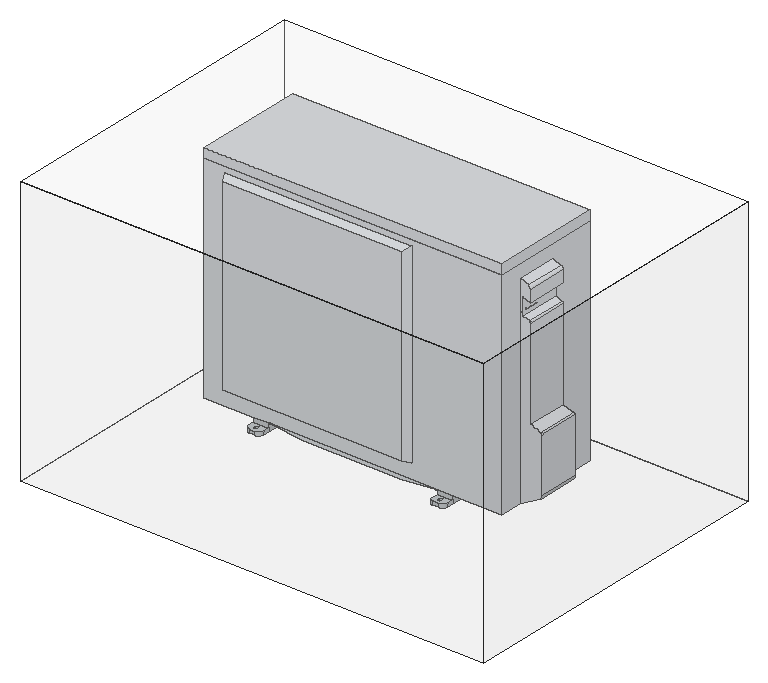
Revit family "puz-zrmp28_63ska16_50hz", category 機械設備, Revit 2023
Family settings
  丸型コネクタ寸法 = 直径を使用
  パーツ タイプ = 標準
  OmniClass 番号 = 23.75.10.24.21.27.27
  OmniClass タイトル = Split System Air Conditioning Units
  作業面ベース = いいえ
  常に垂直 = はい
  ロード時にボイドで切り取り = いいえ
  注釈の向きを維持 = いいえ
  共有 = いいえ
  部屋計算ポイント = いいえ
Parameters (values of type "PUZ-ZRMP28SKA16")
  風量_冷房 (㎥/min) = 38
  風量 = [風量_冷房 (㎥/min)] * 60.0 m³/h  # 2280.0 m³/h
  音響パワーレベル_冷房 (dB) = 64
  音響パワーレベル_暖房 (dB) = 66
  音響パワーレベル(dB) = if([音響パワーレベル_冷房 (dB)] > [音響パワーレベル_暖房 (dB)], [音響パワーレベル_冷房 (dB)], [音響パワーレベル_暖房 (dB)])  # 66
  電源種別 = ""
  電源位置Y = 61 mm
  電源位置Z = 497.7 mm
  電源位置X = 400 mm
  電圧 = 200 V
  電動機出力_送風機 = 0.04 kW
  電動機出力_圧縮機 = 0.5 kW
  集中コントローラ [instance] = ""
  運転質量 = 0.00 kg
  運転方法 = "冷暖切替"
  質量 = if(製品質量 > 運転質量, 製品質量, 運転質量) * 1.2  # 44.40 kg
  負荷分類 = 1_熱源類
  説明 = "空冷H/P PAC インバータ室外機"
  設計暖房能力 [instance] = 0 kW
  設計冷房能力_顕熱 [instance] = 0 kW
  設計冷房能力 [instance] = 0 kW
  設置方法 = "床置形"
  記号 [instance] = ""
  製造元 = "三菱電機株式会社"
  製品質量 = 37.00 kg
  製品出荷対象 = "国内"
  製品リリース年月 = "2026/5/11"
  系統 [instance] = ""
  符号 = "PAC"
  積算_科目 = "1 空気調和設備"
  積算_拾い区分 [instance] = ""
  相 = 1
  盤記号 [instance] = ""
  発停方法 = "別売リモコン"
  特殊仕様 [instance] = ""
  消費電力_暖房 = 0 kW
  消費電力_冷房 = 0 kW
  消費電力 = if(消費電力_冷房 > 消費電力_暖房, 消費電力_冷房, 消費電力_暖房)  # 0 kW
  法定耐用年数 = "6"
  極数 = 3
  材質 [instance] = ""
  本体マテリアル = none
  最小電線太さ_mm2 = 3.5
  最大電流値 = 0 A
  暖房能力 = 2.8 kW
  既定の高さ = 0 mm
  推奨ブレーカー容量 = 20 A
  据付ピッチ1 = 0 mm
  形式 = "パッケージ形 室外機"
  形名 = PUZ-EZRMP-1 : PUZ-EZRMP-1
  幹線記号 [instance] = ""
  始動方式 = "インバータ"
  呼称 = "パッケージ形空気調和機_室外機"
  周波数 = 50 Hz
  価格 = 0
  ドレン　位置Z = 8.5 mm
  ドレン　位置Y = 48.5 mm
  ドレン　位置X = 404.5 mm
  アンカーボルト位置Y = 330 mm
  アンカーボルト位置X = 500 mm
  参照している仕様書等のバージョン = "公共建築物標準仕様書（機械設備工事編）平成31年度版"
  分類コード = "50053003126100"
  分類グループ = "設備"
  冷房能力 = 2.5 kW
  冷媒管（ガス）位置X = 420 mm
  冷媒管（液）位置X = 420 mm
  冷媒管（液）位置Y = 153.75 mm
  冷媒管（ガス）位置Y = 153.75 mm
  冷媒管長 [instance] = 0 mm
  冷媒管径符号 = "Ac"
  冷媒管径 = 60 mm
  冷媒管位置Z = 158.95 mm
  冷媒管位置Y = (冷媒管（液）位置Y + 冷媒管（ガス）位置Y) / 2  # 153.75 mm
  冷媒管位置X = (冷媒管（液）位置X + 冷媒管（ガス）位置X) / 2  # 420 mm
  冷媒液管径 = 6.35 mm
  冷媒ガス管径 = 12.7 mm
  企業コード = "108420"
  付属品 [instance] = ""
  ユニット数 = 1
  ユニット3 = yes
  ユニット2 = yes
  モデル = "PUZ-ZRMP28SKA16"
  ドレン管径 = 42 mm
  サービススペース = yes
  コメント [instance] = ""
  【値が 0 の項目は組合せ形名にてご確認ください】 = ""
  Width = 809 mm
  Version = ""
  Uniclass2015Version = "Systems v1.9"
  Uniclass2015Title = "Split coil remote air cooled condensing units"
  Uniclass2015Code = "Pr_70_65_03_84"
  URL = "https://www.mitsubishielectric.co.jp/ldg/wink/qr/002/364640"
  SpecificationReference = ""
  SpecificationDescription = ""
  Revision = ""
  ProductInformation = ""
  OmniClassCode = "23-33 17 13 11"
  IfcTypeProduct = ""
  IfcProduct = ""
  IfcExportType = "AIRCONDITIONINGUNIT"
  IfcExportAs = "IfcUnitaryEquipmentType"
  Height = 630 mm
  Depth = 300 mm
  Clearance Top = 100 mm
  Clearance Right = 350 mm
  Clearance Left = 100 mm
  Clearance Front = 500 mm
  Clearance Bottom = 0 mm
  Clearance Back = 100 mm
  COP_暖房 = 0
  COP_冷房 = 0
  COP = (COP_冷房 + COP_暖房) / 2  # 0
  BLCJ仕様バージョン = "2.0"
  Author = "三菱電機株式会社"
  APF = 0
Reference planes
  plane 1 "中心(正面/背面)": y = 74
  plane 2: z = 0
  plane 3 "中心(左/右)": x = 830
  plane 4 "右": x = 1234.5
  plane 5 "左": x = 425.5
  plane 6 "背面": y = 224
  plane 7 "正面": y = -76
  plane 8 "上部": z = 630
  plane 9 "Clearanse Top": z = 730
  plane 10 "SS_back": y = 324
  plane 11 "SS_front": y = -576
  plane 12 "SS_left": x = 325.5
  plane 13 "SS_right": x = 1584.5
  plane 14: z = 0
  plane 15: y = -15
  plane 16: x = 1230
  plane 17: z = 497.7
  plane 18: y = -13
  plane 19: y = 70.25
  plane 20: x = 1250
  plane 21: y = 175.5
  plane 22: x = 830
  plane 23: z = 10.5
  plane 24: z = 8.5
  plane 25: x = 580
  plane 26: x = 1080
  plane 27: y = 239
  plane 28: y = -91
Forms (mm)
  Extrusion 1, solid, detail levels fine
    sketch origin (0, -76, 0) x (1, 0, 0) y (0, 0, 1)
      loop
        circle (1230, 497.7) r 13.5
    from -63 to -61
  Extrusion 2, solid, detail levels fine
    sketch origin (-1437.329, -1524, 54) x (-1, 0, 0) y (0, -1, 0)
      loop
        circle (-2267.329, -1699.5) r 21
    from -45.5 to -43.5
  Sweep 3, solid, material <- "本体マテリアル", detail levels fine
    path origin (1250, 1296.25, 1200) x (0, 1, 0) y (0, 0, 1)
      loop
        line (-1226, -1041.05) -> (-1272.623, -1084.565)
    profile origin (1250, 46.939, 137.193) x (0, 0.682318, -0.731055) y (1, 0, 0)
      loop
        circle (0, 0) r 30
Lines and regions (mm)
  model lines, not visible
    curve 1: line (460, 178.667, 1289.179) -> (460, 297.73, 1289.179)
    curve 2: line (460, 178.667, 1056.056) -> (460, 178.667, 1289.179)
    curve 3: line (460, 297.73, 1056.056) -> (460, 178.667, 1056.056)
    curve 4: line (460, 297.73, 1289.179) -> (460, 297.73, 1056.056)
    curve 5: line (460, 47.598, 1289.179) -> (460, 166.661, 1289.179)
    curve 6: line (460, 47.598, 1056.056) -> (460, 47.598, 1289.179)
    curve 7: line (460, 166.661, 1056.056) -> (460, 47.598, 1056.056)
    curve 8: line (460, 166.661, 1289.179) -> (460, 166.661, 1056.056)
    curve 9: line (460, -83.471, 1289.179) -> (460, 35.592, 1289.179)
    curve 10: line (460, -83.471, 1056.056) -> (460, -83.471, 1289.179)
    curve 11: line (460, 35.592, 1056.056) -> (460, -83.471, 1056.056)
    curve 12: line (460, 35.592, 1289.179) -> (460, 35.592, 1056.056)
    curve 13: line (460, -150.779, 1289.179) -> (460, -95.75, 1289.179)
    curve 14: line (460, -150.779, 1056.056) -> (460, -150.779, 1289.179)
    curve 15: line (460, -95.75, 1056.056) -> (460, -150.779, 1056.056)
    curve 16: line (460, -95.75, 1289.179) -> (460, -95.75, 1056.056)
    curve 17: line (460, -150.779, 1283.175) -> (460, -132.596, 1283.175)
    curve 18: line (460, -150.779, 1062.059) -> (460, -150.779, 1283.175)
    curve 19: line (460, -132.596, 1062.059) -> (460, -150.779, 1062.059)
    curve 20: line (460, -132.596, 1283.175) -> (460, -132.596, 1062.059)
    curve 21: line (460, 178.667, 1046.051) -> (460, 297.73, 1046.051)
    curve 22: line (460, 178.667, 812.928) -> (460, 178.667, 1046.051)
    curve 23: line (460, 297.73, 812.928) -> (460, 178.667, 812.928)
    curve 24: line (460, 297.73, 1046.051) -> (460, 297.73, 812.928)
    curve 25: line (460, 47.598, 1046.051) -> (460, 166.661, 1046.051)
    curve 26: line (460, 47.598, 812.928) -> (460, 47.598, 1046.051)
    curve 27: line (460, 166.661, 812.928) -> (460, 47.598, 812.928)
    curve 28: line (460, 166.661, 1046.051) -> (460, 166.661, 812.928)
    curve 29: line (460, -83.471, 1046.051) -> (460, 35.592, 1046.051)
    curve 30: line (460, -83.471, 812.928) -> (460, -83.471, 1046.051)
    curve 31: line (460, 35.592, 812.928) -> (460, -83.471, 812.928)
    curve 32: line (460, 35.592, 1046.051) -> (460, 35.592, 812.928)
    curve 33: line (460, -150.779, 1046.051) -> (460, -95.75, 1046.051)
    curve 34: line (460, -150.779, 812.928) -> (460, -150.779, 1046.051)
    curve 35: line (460, -95.75, 812.928) -> (460, -150.779, 812.928)
    curve 36: line (460, -95.75, 1046.051) -> (460, -95.75, 812.928)
    curve 37: line (460, -150.779, 1040.048) -> (460, -132.596, 1040.048)
    curve 38: line (460, -150.779, 818.931) -> (460, -150.779, 1040.048)
    curve 39: line (460, -132.596, 818.931) -> (460, -150.779, 818.931)
    curve 40: line (460, -132.596, 1040.048) -> (460, -132.596, 818.931)
    curve 41: line (460, 178.667, 802.923) -> (460, 297.73, 802.923)
    curve 42: line (460, 178.667, 569.8) -> (460, 178.667, 802.923)
    curve 43: line (460, 297.73, 569.8) -> (460, 178.667, 569.8)
    curve 44: line (460, 297.73, 802.923) -> (460, 297.73, 569.8)
    curve 45: line (460, 47.598, 802.923) -> (460, 166.661, 802.923)
    curve 46: line (460, 47.598, 569.8) -> (460, 47.598, 802.923)
    curve 47: line (460, 166.661, 569.8) -> (460, 47.598, 569.8)
    curve 48: line (460, 166.661, 802.923) -> (460, 166.661, 569.8)
    curve 49: line (460, -83.471, 802.923) -> (460, 35.592, 802.923)
    curve 50: line (460, -83.471, 569.8) -> (460, -83.471, 802.923)
    curve 51: line (460, 35.592, 569.8) -> (460, -83.471, 569.8)
    curve 52: line (460, 35.592, 802.923) -> (460, 35.592, 569.8)
    curve 53: line (460, -150.779, 802.923) -> (460, -95.75, 802.923)
    curve 54: line (460, -150.779, 569.8) -> (460, -150.779, 802.923)
    curve 55: line (460, -95.75, 569.8) -> (460, -150.779, 569.8)
    curve 56: line (460, -95.75, 802.923) -> (460, -95.75, 569.8)
    curve 57: line (460, -150.779, 796.92) -> (460, -132.596, 796.92)
    curve 58: line (460, -150.779, 575.803) -> (460, -150.779, 796.92)
    curve 59: line (460, -132.596, 575.803) -> (460, -150.779, 575.803)
    curve 60: line (460, -132.596, 796.92) -> (460, -132.596, 575.803)
    curve 61: line (460, 178.667, 559.795) -> (460, 297.73, 559.795)
    curve 62: line (460, 178.667, 326.672) -> (460, 178.667, 559.795)
    curve 63: line (460, 297.73, 326.672) -> (460, 178.667, 326.672)
    curve 64: line (460, 297.73, 559.795) -> (460, 297.73, 326.672)
    curve 65: line (460, 47.598, 559.795) -> (460, 166.661, 559.795)
    curve 66: line (460, 47.598, 326.672) -> (460, 47.598, 559.795)
    curve 67: line (460, 166.661, 326.672) -> (460, 47.598, 326.672)
    curve 68: line (460, 166.661, 559.795) -> (460, 166.661, 326.672)
    curve 69: line (460, -83.471, 559.795) -> (460, 35.592, 559.795)
    curve 70: line (460, -83.471, 326.672) -> (460, -83.471, 559.795)
    curve 71: line (460, 35.592, 326.672) -> (460, -83.471, 326.672)
    curve 72: line (460, 35.592, 559.795) -> (460, 35.592, 326.672)
    curve 73: line (460, -150.779, 559.795) -> (460, -95.75, 559.795)
    curve 74: line (460, -150.779, 326.672) -> (460, -150.779, 559.795)
    curve 75: line (460, -95.75, 326.672) -> (460, -150.779, 326.672)
    curve 76: line (460, -95.75, 559.795) -> (460, -95.75, 326.672)
    curve 77: line (460, -150.779, 553.792) -> (460, -132.596, 553.792)
    curve 78: line (460, -150.779, 332.675) -> (460, -150.779, 553.792)
    curve 79: line (460, -132.596, 332.675) -> (460, -150.779, 332.675)
    curve 80: line (460, -132.596, 553.792) -> (460, -132.596, 332.675)
    curve 81: line (460, 178.667, 316.667) -> (460, 297.73, 316.667)
    curve 82: line (460, 178.667, 83.544) -> (460, 178.667, 316.667)
    curve 83: line (460, 297.73, 83.544) -> (460, 178.667, 83.544)
    curve 84: line (460, 297.73, 316.667) -> (460, 297.73, 83.544)
    curve 85: line (460, 47.598, 316.667) -> (460, 166.661, 316.667)
    curve 86: line (460, 47.598, 83.544) -> (460, 47.598, 316.667)
    curve 87: line (460, 166.661, 83.544) -> (460, 47.598, 83.544)
    curve 88: line (460, 166.661, 316.667) -> (460, 166.661, 83.544)
    curve 89: line (460, -83.471, 316.667) -> (460, 35.592, 316.667)
    curve 90: line (460, -83.471, 83.544) -> (460, -83.471, 316.667)
    curve 91: line (460, 35.592, 83.544) -> (460, -83.471, 83.544)
    curve 92: line (460, 35.592, 316.667) -> (460, 35.592, 83.544)
    curve 93: line (460, -150.779, 316.667) -> (460, -95.75, 316.667)
    curve 94: line (460, -150.779, 83.544) -> (460, -150.779, 316.667)
    curve 95: line (460, -95.75, 83.544) -> (460, -150.779, 83.544)
    curve 96: line (460, -95.75, 316.667) -> (460, -95.75, 83.544)
    curve 97: line (460, -150.779, 310.664) -> (460, -132.596, 310.664)
    curve 98: line (460, -150.779, 89.547) -> (460, -150.779, 310.664)
    curve 99: line (460, -132.596, 89.547) -> (460, -150.779, 89.547)
    curve 100: line (460, -132.596, 310.664) -> (460, -132.596, 89.547)
Dimensions and locks
  equal spacing: plane 7 "正面", plane 1 "中心(正面/背面)", plane 6 "背面"
  "Depth": plane 7 "正面" to plane 6 "背面"
  "Width": plane 5 "左" to plane 4 "右"
  equal spacing: plane 5 "左", plane 3 "中心(左/右)", plane 4 "右"
  "Clearance Left": plane 12 "SS_left" to plane 5 "左"
  "Clearance Right": plane 4 "右" to plane 13 "SS_right"
  "Clearance Back": plane 6 "背面" to plane 10 "SS_back"
  "Clearance Front": plane 11 "SS_front" to plane 7 "正面"
  "Height": plane 8 "上部" to level
  "Clearance Top": plane 9 "Clearanse Top" to plane 8 "上部"
  "Clearance Bottom": level to plane 14
  "電源位置X": plane 3 "中心(左/右)" to plane 16
  "電源位置Y": plane 7 "正面" to plane 15
  "電源位置Z": plane 17 to level
  locked: plane 15 to plane 18 at 2
  "冷媒管位置X": plane 3 "中心(左/右)" to plane 20
  "冷媒管位置Y": plane 19 to plane 6 "背面"
  "ドレン　位置X": plane 5 "左" to plane 22
  "ドレン　位置Y": plane 21 to plane 6 "背面"
  locked: plane 23 to plane 24 at 2
  "ドレン　位置Z": plane 24 to level
  equal spacing: plane 28, plane 1 "中心(正面/背面)", plane 27
  "アンカーボルト位置Y": plane 28 to plane 27
  equal spacing: plane 25, plane 3 "中心(左/右)", plane 26
  "アンカーボルト位置X": plane 25 to plane 26
  radius of Extrusion 1 sketch curve = 13.5 mm
  "ドレン管径": diameter of Extrusion 2 sketch curve
  "冷媒管径": diameter of Sweep 3 sketch curve
  aligned and locked: level to plane 2
  aligned and locked: plane 10 "SS_back" to nested 1  (x2)
  aligned and locked: plane 13 "SS_right" to nested 1
  aligned and locked: plane 12 "SS_left" to nested 1  (x2)
  aligned and locked: nested 1 to plane 13 "SS_right"
  aligned and locked: plane 11 "SS_front" to nested 1
  aligned and locked: plane 9 "Clearanse Top" to nested 1
  aligned and locked: plane 1 "中心(正面/背面)" to nested 2
  aligned and locked: plane 3 "中心(左/右)" to nested 2
  aligned and locked: plane 14 to nested 1
  aligned and locked: plane 17 to Extrusion 1 sketch curve
  aligned and locked: plane 16 to Extrusion 1 sketch curve
  aligned and locked: Extrusion 1 to plane 18
  aligned and locked: plane 15 to Extrusion 1
  aligned and locked: plane 22 to Extrusion 2 sketch curve
  aligned and locked: plane 21 to Extrusion 2 sketch curve
  aligned and locked: plane 23 to Extrusion 2
  aligned and locked: Extrusion 2 to plane 24
  aligned and locked: plane 25 to nested 3
  aligned and locked: plane 27 to nested 3
Automatic sketch dimensions
  Sweep 3 sketch curve to plane 18 = 36.627 mm
  plane 1 "中心(正面/背面)" to Sweep 3 sketch curve = 3.75 mm
  plane 23 to Sweep 3 sketch curve = 104.935 mm
  Sweep 3 sketch curve to Sweep 3 sketch curve = 43.515 mm
  Sweep 3 sketch curve to plane 20 = 0 mm
  Sweep 3 sketch curve to profile plane = 0 mm
Nested families
  nested 1: "サービススペース" at (955, -126, 365), visible <- "サービススペース", type "サービススペース"
    with Width 1259 mm, Height 730 mm, Depth 900 mm
  nested 2: "PUZ-EZRMP-1" at (830, 74, 0), type <- "形名", type "PUZ-EZRMP-1", detail levels fine
  nested 3: "固定点" at (580, -91, 0), type "固定点"
    with 中心円 10 mm, W 500 mm, D 330 mm
Connectors
  electrical at (1230, -15, 497.7), driven by "極数", driven by "負荷分類", driven by "電圧", driven by "消費電力"
    settings: on Extrusion 1, index 2, voltage 200 V, apparent load 0 VA, apparent load phase1 0 VA, apparent load phase2 0 VA, apparent load phase3 0 VA, power factor 1, load classification "1_熱源類", number of poles 3, system type 30, power factor state 1, is connector primary yes, connector utility no, sub classification motor no, connector description ""
  piping at (1250, 70.25, 158.95), diameter 60, driven by "冷媒管径", driven by "冷媒管径符号"
    settings: on Sweep 3, index 3, connector inside diameter 609.6 mm, connector length 0 mm, flow factor 0, pipe flow 0.0 L/s, pressure drop 0.0 Pa, fitting loss kfactor 0, connector angle 0.00°, fixture units 0, engagement length 0 mm, angle of deflection 0.00°, flow configuration 1, flow direction 2, fitting loss method 4, system type 7, joint type 0, gender type 0, connector reference index -1, connector utility 0, adjustable connector no, is connector primary yes, connector description "Ac"
Definition of nested family "サービススペース"
  Parameters (values of type "サービススペース")
    Default Elevation = 0 mm
    Width [instance] = 500 mm
    Height [instance] = 500 mm
    Depth [instance] = 500 mm
  Reference planes
    plane 1 "中心(正面/背面)": y = 0
    plane 2: z = 0
    plane 3 "中心(左/右)": x = 0
    plane 4: y = -250
    plane 5: x = 250
    plane 6: y = 250
    plane 7: x = -250
    plane 8: z = 250
    plane 9: z = -250
  Forms (mm)
    Extrusion 1, solid
      sketch origin (-638.939, 0, 72.39) x (1, 0, 0) y (0, 1, 0)
        loop
          line (388.939, 250) -> (388.939, -250) -> (888.939, -250) -> (888.939, 250) -> (388.939, 250)
      from -322.39 to 177.61
  Lines and regions (mm)
    symbolic lines
      curve 1: line (-250, 0, 250) -> (250, 0, 250)
      curve 2: line (-250, 0, -250) -> (-250, 0, 250)
      curve 3: line (250, 0, -250) -> (-250, 0, -250)
      curve 4: line (250, 0, 250) -> (250, 0, -250)
      curve 5: line (0, -250, 250) -> (0, 250, 250)
      curve 6: line (0, -250, -250) -> (0, -250, 250)
      curve 7: line (0, 250, -250) -> (0, -250, -250)
      curve 8: line (0, 250, 250) -> (0, 250, -250)
      curve 9: line (-250, 250, 0) -> (250, 250, 0)
      curve 10: line (-250, -250, 0) -> (-250, 250, 0)
      curve 11: line (250, -250, 0) -> (-250, -250, 0)
      curve 12: line (250, 250, 0) -> (250, -250, 0)
  Dimensions and locks
    equal spacing: plane 7, plane 3 "中心(左/右)", plane 5
    equal spacing: plane 4, plane 1 "中心(正面/背面)", plane 6
    "Depth": plane 4 to plane 6
    "Width": plane 7 to plane 5
    equal spacing: plane 8, plane 2, plane 9
    "Height": plane 8 to plane 9
    aligned and locked: plane 9 to curve 3
    aligned and locked: plane 7 to curve 2
    aligned and locked: curve 4 to plane 5
    aligned and locked: plane 5 to Extrusion 1
    aligned and locked: Extrusion 1 to plane 7
    aligned and locked: Extrusion 1 to plane 9
    aligned and locked: plane 8 to Extrusion 1
    aligned and locked: plane 9 to curve 7
  Automatic sketch dimensions
    plane 4 to Extrusion 1 sketch curve = 0 mm
    Extrusion 1 sketch curve to plane 7 = 0 mm
    Extrusion 1 sketch curve to plane 5 = 0 mm
    plane 6 to Extrusion 1 sketch curve = 0 mm
    curve 2 to plane 8 = 0 mm
    plane 4 to curve 11 = 0 mm
    curve 11 to plane 7 = 0 mm
    curve 11 to plane 5 = 0 mm
    plane 6 to curve 10 = 0 mm
    curve 7 to plane 4 = 0 mm
    curve 7 to plane 6 = 0 mm
    curve 6 to plane 8 = 0 mm
Definition of nested family "PUZ-EZRMP-1"
  Parameters (values of type "PUZ-EZRMP-1")
    配線取出口サイズ = 27 mm
    配線取出口-Z = 497.7 mm
    配線取出口-Y = 239 mm
    配線取出口-X = 400 mm
    液配管サイズ = 50 mm
    高さ = 630 mm
    Default Elevation = 0 mm
    換気-W = 310 mm
    換気-H2 = 632 mm
    換気-H1 = 325 mm
    換気-D = 20 mm
    奥行き = 300 mm
    吊りボルト_H = 0 mm
    吊りボルト-φ = 10 mm
    冷媒配管サイズ = 6.35 mm
    冷媒液管径-Z = 164.5 mm
    冷媒液管径-Y = 185.5 mm
    冷媒液管径-X = 420 mm
    冷媒ガス管径-Z = 99.5 mm
    冷媒ガス管径-Y = 185.5 mm
    冷媒ガス管径-X = 420 mm
    吊りボルト-W = 500 mm
    マテリアル = none
    ドレン配管サイズ = 42 mm
    ドレン管径-Z = 0 mm
    ドレン管径-Y = 251.5 mm
    ドレン管径-X = 404.5 mm
    タイプ3 = no
    タイプ2 = no
    タイプ1 = yes
    ガス配管サイズ = 12.7 mm
    吊りボルト-D = 330 mm
    幅さ = 809 mm
    a = 600 mm
  Reference planes
    plane 1 "中心(正面/背面)": y = 0
    plane 2: z = 0
    plane 3 "中心(左/右)": x = 0
    plane 4: z = 630
    plane 5: x = -404.5
    plane 6: x = 404.5
    plane 7: y = 150
    plane 8: y = -150
    plane 9: x = 466.5
    plane 10: y = -90
    plane 11: y = 20
    plane 12: z = 605
    plane 13: x = -424.5
    plane 14: x = -250
    plane 15: x = 250
    plane 16: y = 165
    plane 17: y = -165
    plane 18: x = 270
    plane 19: x = 230
    plane 20: x = -230
    plane 21: x = -270
    plane 22: y = 180
    plane 23: y = -180
    plane 24: z = 8.5
    plane 25: z = 20
    plane 26: z = 11.5
    plane 27: x = -135
    plane 28: x = 135
    plane 29: z = 625
    plane 30: y = -40
    plane 31: y = 40
    plane 32: y = -30
    plane 33: y = 30
    plane 34: z = 610
    plane 35: z = 55
    plane 36: z = 225
    plane 37: z = 570
    plane 38: x = 414.5
    plane 39: x = 435.5
    plane 40: y = -170
    plane 41: x = -94.5
    plane 42: z = 325
    plane 43: x = 159.5
    plane 44: x = -348.5
    plane 45: z = 589
    plane 46: z = 61
    plane 47: x = -338.5
    plane 48: x = 149.5
    plane 49: z = 579
    plane 50: z = 71
    plane 51: y = 100
    plane 52: y = -100
    plane 53: x = 0
    plane 54: y = 101.5
    plane 55: x = 420
    plane 56: x = 400
    plane 57: y = -89
    plane 58: y = -35.5
    plane 59: y = -35.5
    plane 60: x = 420
    plane 61: z = 99.5
    plane 62: z = 164.5
    plane 63: z = 497.7
    plane 64: y = -39
    plane 65: z = 137.3
    plane 66: z = 180.6
    plane 67: x = 420
    plane 68: y = -35.5
    plane 69 "グループ": x = -600
    plane 70: z = 1338
    plane 71: z = 943
    plane 72: z = 957
    plane 73: z = 1221
    plane 74: z = 693
    plane 75: z = 1211
    plane 76: z = 703
    plane 77: y = -12.5
    plane 78: y = 5
    plane 79: y = -3.75
  Forms (mm)
    Extrusion 1, solid, visible <- "タイプ1", detail levels fine
      sketch origin (-1437.329, -1524, 630) x (-1, 0, 0) y (0, -1, 0)
        loop
          line (-1167.329, -1674) -> (-1167.329, -1374) -> (-1207.329, -1374) -> (-1207.329, -1674) -> (-1167.329, -1674)
        loop
          line (-1667.329, -1674) -> (-1667.329, -1374) -> (-1707.329, -1374) -> (-1707.329, -1674) -> (-1667.329, -1674)
      from -630 to -610
    Extrusion 2, solid, material <- "マテリアル", visible <- "タイプ1", detail levels fine
      sketch origin (0, 0, 0) x (1, 0, 0) y (0, 0, 1)
        loop
          line (-230, 20) -> (-135, 11.5) -> (135, 11.5) -> (230, 20) -> (-230, 20)
      from -150 to 150
    Extrusion 3, solid, material <- "マテリアル", visible <- "タイプ1", detail levels fine
      sketch origin (-1437.329, -1524, 630) x (-1, 0, 0) y (0, -1, 0)
        loop
          circle (-1437.329, -1625.5) r 21
      from -621.5 to -618.5
    Extrusion 4, solid, material <- "マテリアル", visible <- "タイプ1", detail levels fine
      sketch origin (-1437.329, -1524, 630) x (-1, 0, 0) y (0, -1, 0)
        loop
          line (-1841.829, -1674) -> (-1032.829, -1674) -> (-1032.829, -1374) -> (-1841.829, -1374) -> (-1841.829, -1674)
      from -610 to -25
    Extrusion 5, solid, material <- "マテリアル", visible <- "タイプ1", detail levels fine
      sketch origin (-1437.329, -1524, 630) x (-1, 0, 0) y (0, -1, 0)
        loop
          line (-1032.829, -1674) -> (-1032.829, -1374) -> (-1841.829, -1374) -> (-1841.829, -1674) -> (-1032.829, -1674)
      from -25 to 0
    Blend 6, solid, material <- "マテリアル", visible <- "タイプ1", detail levels fine
      base sketch origin (0, 0, 0) x (0, 1, 0) y (0, 0, 1)
        loop
          line (40, 625) -> (-40, 625) -> (-40, 605) -> (40, 605) -> (40, 625)
      top sketch origin (0, 0, 0) x (0, 1, 0) y (0, 0, 1)
        loop
          line (30, 610) -> (-30, 610) -> (-30, 605) -> (30, 605) -> (30, 610)
      from -404.5 to -424.5
    Extrusion 7, solid, material <- "マテリアル", visible <- "タイプ1", detail levels fine
      sketch origin (0, 0, 0) x (1, 0, 0) y (0, 0, 1)
        loop
          line (404.5, 570) -> (404.5, 20) -> (461.416, 52.13)
          arc (461.416, 52.13) -> (465.136, 55.796) -> (466.5, 60.838) r 10
          line (466.5, 60.838) -> (466.5, 210.216)
          arc (466.5, 210.216) -> (465.596, 213.084) -> (463.21, 214.914) r 5
          line (463.21, 214.914) -> (435.5, 225) -> (435.5, 470.082)
          arc (435.5, 470.082) -> (434.596, 472.95) -> (432.21, 474.78) r 5
          line (432.21, 474.78) -> (414.5, 481.226) -> (414.5, 529.114) -> (435.5, 521.471) -> (435.5, 551.715)
          arc (435.5, 551.715) -> (433.692, 557.451) -> (428.92, 561.112) r 10
          line (428.92, 561.112) -> (404.5, 570)
      from -20 to 90
    Blend 8, solid, material <- "マテリアル", visible <- "タイプ1", detail levels fine
      base sketch origin (0, 0, 0) x (1, 0, 0) y (0, 0, 1)
        loop
          line (-348.5, 589) -> (-348.5, 61) -> (159.5, 61) -> (159.5, 589) -> (-348.5, 589)
      top sketch origin (0, 0, 0) x (1, 0, 0) y (0, 0, 1)
        loop
          line (-338.5, 579) -> (-338.5, 71) -> (149.5, 71) -> (149.5, 579) -> (-338.5, 579)
      from 150 to 170
    Extrusion 9, solid, material <- "マテリアル", visible <- "タイプ1", detail levels fine
      sketch origin (1480.036, -170, 1200) x (1, 0, 0) y (0, 0, 1)
        loop
          circle (-1080.036, -702.3) r 13.5
      from -131 to -81
    Extrusion 10, solid, visible <- "タイプ1", detail levels fine
      sketch origin (-1437.329, -1524, 630) x (-1, 0, 0) y (0, -1, 0)
        loop
          line (-1167.329, -1704) -> (-1167.329, -1674) -> (-1207.329, -1674) -> (-1207.329, -1704) -> (-1192.329, -1704) -> (-1192.329, -1689)
          arc (-1192.329, -1689) -> (-1187.329, -1684) -> (-1182.329, -1689) r 5
          line (-1182.329, -1689) -> (-1182.329, -1704) -> (-1167.329, -1704)
        loop
          line (-1667.329, -1704) -> (-1667.329, -1674) -> (-1707.329, -1674) -> (-1707.329, -1704) -> (-1692.329, -1704) -> (-1692.329, -1689)
          arc (-1692.329, -1689) -> (-1687.329, -1684) -> (-1682.329, -1689) r 5
          line (-1682.329, -1689) -> (-1682.329, -1704) -> (-1667.329, -1704)
        loop
          line (-1667.329, -1374) -> (-1667.329, -1354)
          arc (-1667.329, -1354) -> (-1670.258, -1346.929) -> (-1677.329, -1344) r 10
          line (-1677.329, -1344) -> (-1694.129, -1344)
          arc (-1694.129, -1344) -> (-1703.463, -1347.866) -> (-1707.329, -1357.2) r 13.2
          line (-1707.329, -1357.2) -> (-1707.329, -1374) -> (-1667.329, -1374)
        loop
          line (-1167.329, -1374) -> (-1167.329, -1357.2)
          arc (-1167.329, -1357.2) -> (-1171.196, -1347.866) -> (-1180.529, -1344) r 13.2
          line (-1180.529, -1344) -> (-1194.129, -1344)
          arc (-1194.129, -1344) -> (-1203.463, -1347.866) -> (-1207.329, -1357.2) r 13.2
          line (-1207.329, -1357.2) -> (-1207.329, -1374) -> (-1167.329, -1374)
        loop
          arc (-1192.329, -1359) -> (-1187.329, -1364) -> (-1182.329, -1359) r 5
          line (-1182.329, -1359) -> (-1182.329, -1357.2)
          arc (-1182.329, -1357.2) -> (-1187.329, -1352.2) -> (-1192.329, -1357.2) r 5
          line (-1192.329, -1357.2) -> (-1192.329, -1359)
        loop
          arc (-1692.329, -1359) -> (-1687.329, -1364) -> (-1682.329, -1359) r 5
          line (-1682.329, -1359) -> (-1682.329, -1357.2)
          arc (-1682.329, -1357.2) -> (-1687.329, -1352.2) -> (-1692.329, -1357.2) r 5
          line (-1692.329, -1357.2) -> (-1692.329, -1359)
      from -621.5 to -630
    Sweep 11, solid, material <- "マテリアル", visible <- "タイプ1", detail levels fine
      path origin (420, 1296.25, 1200) x (0, 1, 0) y (0, 0, 1)
        loop
          line (-1331.75, -1035.5) -> (-1308.75, -1019.4)
      profile origin (420, -24, 172.55) x (0, -0.573462, 0.819232) y (1, 0, 0)
        loop
          circle (0, 0) r 3.175
    Sweep 12, solid, material <- "マテリアル", visible <- "タイプ1", detail levels fine
      path origin (420, 1296.25, 1200) x (0, 1, 0) y (0, 0, 1)
        loop
          line (-1331.75, -1100.5) -> (-1291.25, -1062.7)
      profile origin (420, -15.25, 118.4) x (0, -0.682318, 0.731055) y (1, 0, 0)
        loop
          circle (0, 0) r 6.35
  Lines and regions (mm)
    Masking region 1, visible <- "タイプ1", detail levels coarse+medium
      outline origin (-1437.329, -1524, 630) x (-1, 0, 0) y (0, -1, 0)
        loop
          line (-1841.829, -1674) -> (-1707.329, -1674) -> (-1707.329, -1704) -> (-1667.329, -1704) -> (-1667.329, -1674) -> (-1207.329, -1674) -> (-1207.329, -1704) -> (-1167.329, -1704) -> (-1167.329, -1674) -> (-1032.829, -1674) -> (-1032.829, -1564) -> (-1012.829, -1554) -> (-1012.829, -1494) -> (-1032.829, -1484) -> (-1032.829, -1374) -> (-1088.829, -1374) -> (-1098.829, -1354) -> (-1164.523, -1354)
          arc (-1164.523, -1354) -> (-1169.205, -1346.796) -> (-1177.329, -1344) r 13.2
          line (-1177.329, -1344) -> (-1193.997, -1344)
          arc (-1193.997, -1344) -> (-1202.121, -1346.796) -> (-1206.804, -1354) r 13.2
          line (-1206.804, -1354) -> (-1586.829, -1354) -> (-1596.829, -1374) -> (-1667.329, -1374) -> (-1667.329, -1354)
          arc (-1667.329, -1354) -> (-1670.258, -1346.929) -> (-1677.329, -1344) r 10
          line (-1677.329, -1344) -> (-1694.129, -1344)
          arc (-1694.129, -1344) -> (-1703.463, -1347.866) -> (-1707.329, -1357.2) r 13.2
          line (-1707.329, -1357.2) -> (-1707.329, -1374) -> (-1841.829, -1374) -> (-1841.829, -1434) -> (-1903.829, -1434) -> (-1903.829, -1544) -> (-1841.829, -1544) -> (-1841.829, -1674)
    model lines, visible <- "タイプ1", detail levels fine
      curve 1: line (324.5, 100, 630) -> (-324.5, 100, 630)
      curve 2: line (-324.5, -100, 630) -> (324.5, -100, 630)
      curve 3: line (-324.5, -40, 630) -> (324.5, -40, 630)
      curve 4: line (324.5, 40, 630) -> (-324.5, 40, 630)
      curve 5: line (-324.5, -30, 630) -> (324.5, -30, 630)
      curve 6: line (324.5, 30, 630) -> (-324.5, 30, 630)
      curve 7: line (-324.5, 100, 630) -> (-324.5, 40, 630)
      curve 8: line (324.5, -100, 630) -> (324.5, -40, 630)
      curve 9: line (-324.5, 30, 630) -> (-324.5, -30, 630)
      curve 10: line (-324.5, -40, 630) -> (-324.5, -100, 630)
      curve 11: line (324.5, -30, 630) -> (324.5, 30, 630)
      curve 12: line (324.5, 40, 630) -> (324.5, 100, 630)
      curve 13: line (354.5, -100, 630) -> (354.5, 100, 630)
      curve 14: line (339.5, -100, 630) -> (339.5, 100, 630)
      curve 15: line (-354.5, 100, 630) -> (-354.5, -100, 630)
      curve 16: line (-339.5, 100, 630) -> (-339.5, -100, 630)
      curve 17: line (-339.5, 100, 630) -> (-354.5, 100, 630)
      curve 18: line (-339.5, -100, 630) -> (-354.5, -100, 630)
      curve 19: line (339.5, 100, 630) -> (354.5, 100, 630)
      curve 20: line (339.5, -100, 630) -> (354.5, -100, 630)
      curve 21: line (-338.5, -170, 372.5) -> (149.5, -170, 372.5)
      curve 22: line (149.5, -170, 277.5) -> (-338.5, -170, 277.5)
      curve 23: line (-338.5, -170, 467.5) -> (149.5, -170, 467.5)
      curve 24: line (-338.5, -170, 562.5) -> (149.5, -170, 562.5)
      curve 25: line (149.5, -170, 182.5) -> (-338.5, -170, 182.5)
      curve 26: line (149.5, -170, 87.5) -> (-338.5, -170, 87.5)
      curve 27: line (-321.071, -170, 579) -> (-321.071, -170, 71)
      curve 28: line (132.071, -170, 71) -> (132.071, -170, 579)
      curve 29: line (-303.643, -170, 579) -> (-303.643, -170, 71)
      curve 30: line (-286.214, -170, 579) -> (-286.214, -170, 71)
      curve 31: line (-268.786, -170, 579) -> (-268.786, -170, 71)
      curve 32: line (-251.357, -170, 579) -> (-251.357, -170, 71)
      curve 33: line (-233.929, -170, 579) -> (-233.929, -170, 71)
      curve 34: line (-216.5, -170, 579) -> (-216.5, -170, 71)
      curve 35: line (-199.071, -170, 579) -> (-199.071, -170, 71)
      curve 36: line (-181.643, -170, 579) -> (-181.643, -170, 71)
      curve 37: line (-164.214, -170, 579) -> (-164.214, -170, 71)
      curve 38: line (-146.786, -170, 579) -> (-146.786, -170, 71)
      curve 39: line (-129.357, -170, 579) -> (-129.357, -170, 71)
      curve 40: line (-111.929, -170, 579) -> (-111.929, -170, 71)
      curve 41: line (-94.5, -170, 579) -> (-94.5, -170, 71)
      curve 42: line (-77.071, -170, 579) -> (-77.071, -170, 71)
      curve 43: line (-59.643, -170, 579) -> (-59.643, -170, 71)
      curve 44: line (-42.214, -170, 579) -> (-42.214, -170, 71)
      curve 45: line (-24.786, -170, 579) -> (-24.786, -170, 71)
      curve 46: line (-7.357, -170, 579) -> (-7.357, -170, 71)
      curve 47: line (10.071, -170, 579) -> (10.071, -170, 71)
      curve 48: line (27.5, -170, 579) -> (27.5, -170, 71)
      curve 49: line (44.929, -170, 579) -> (44.929, -170, 71)
      curve 50: line (62.357, -170, 579) -> (62.357, -170, 71)
      curve 51: line (79.786, -170, 579) -> (79.786, -170, 71)
      curve 52: line (97.214, -170, 579) -> (97.214, -170, 71)
      curve 53: line (114.643, -170, 579) -> (114.643, -170, 71)
      curve 54: line (-404.5, -10, 574) -> (-404.5, -10, 584)
      curve 55: line (-404.5, -100, 584) -> (-404.5, -100, 574)
      curve 56: line (-404.5, 100, 584) -> (-404.5, 100, 574)
      curve 57: line (-404.5, 10, 584) -> (-404.5, 10, 574)
      curve 58: line (-404.5, 95, 589) -> (-404.5, 15, 589)
      curve 59: line (-404.5, -15, 589) -> (-404.5, -95, 589)
      curve 60: line (-404.5, -15, 569) -> (-404.5, -95, 569)
      curve 61: line (-404.5, 95, 569) -> (-404.5, 15, 569)
      curve 62: arc (-404.5, 100, 584) -> (-404.5, 98.536, 587.536) -> (-404.5, 95, 589) r 5
      curve 63: arc (-404.5, 95, 569) -> (-404.5, 98.536, 570.464) -> (-404.5, 100, 574) r 5
      curve 64: arc (-404.5, 10, 584) -> (-404.5, 11.464, 587.536) -> (-404.5, 15, 589) r 5
      curve 65: arc (-404.5, 10, 574) -> (-404.5, 11.464, 570.464) -> (-404.5, 15, 569) r 5
      curve 66: arc (-404.5, -10, 584) -> (-404.5, -11.464, 587.536) -> (-404.5, -15, 589) r 5
      curve 67: arc (-404.5, -15, 569) -> (-404.5, -11.464, 570.464) -> (-404.5, -10, 574) r 5
      curve 68: arc (-404.5, -95, 589) -> (-404.5, -98.536, 587.536) -> (-404.5, -100, 584) r 5
      curve 69: arc (-404.5, -100, 574) -> (-404.5, -98.536, 570.464) -> (-404.5, -95, 569) r 5
      curve 70: line (-404.5, -10, 544) -> (-404.5, -10, 554)
      curve 71: line (-404.5, -100, 554) -> (-404.5, -100, 544)
      curve 72: line (-404.5, 100, 554) -> (-404.5, 100, 544)
      curve 73: line (-404.5, 10, 554) -> (-404.5, 10, 544)
      curve 74: line (-404.5, 95, 559) -> (-404.5, 15, 559)
      curve 75: line (-404.5, -15, 559) -> (-404.5, -95, 559)
      curve 76: line (-404.5, -15, 539) -> (-404.5, -95, 539)
      curve 77: line (-404.5, 95, 539) -> (-404.5, 15, 539)
      curve 78: arc (-404.5, 100, 554) -> (-404.5, 98.536, 557.536) -> (-404.5, 95, 559) r 5
      curve 79: arc (-404.5, 95, 539) -> (-404.5, 98.536, 540.464) -> (-404.5, 100, 544) r 5
      curve 80: arc (-404.5, 10, 554) -> (-404.5, 11.464, 557.536) -> (-404.5, 15, 559) r 5
      curve 81: arc (-404.5, 10, 544) -> (-404.5, 11.464, 540.464) -> (-404.5, 15, 539) r 5
      curve 82: arc (-404.5, -10, 554) -> (-404.5, -11.464, 557.536) -> (-404.5, -15, 559) r 5
      curve 83: arc (-404.5, -15, 539) -> (-404.5, -11.464, 540.464) -> (-404.5, -10, 544) r 5
      curve 84: arc (-404.5, -95, 559) -> (-404.5, -98.536, 557.536) -> (-404.5, -100, 554) r 5
      curve 85: arc (-404.5, -100, 544) -> (-404.5, -98.536, 540.464) -> (-404.5, -95, 539) r 5
      curve 86: line (-404.5, -10, 514) -> (-404.5, -10, 524)
      curve 87: line (-404.5, -100, 524) -> (-404.5, -100, 514)
      curve 88: line (-404.5, 100, 524) -> (-404.5, 100, 514)
      curve 89: line (-404.5, 10, 524) -> (-404.5, 10, 514)
      curve 90: line (-404.5, 95, 529) -> (-404.5, 15, 529)
      curve 91: line (-404.5, -15, 529) -> (-404.5, -95, 529)
      curve 92: line (-404.5, -15, 509) -> (-404.5, -95, 509)
      curve 93: line (-404.5, 95, 509) -> (-404.5, 15, 509)
      curve 94: arc (-404.5, 100, 524) -> (-404.5, 98.536, 527.536) -> (-404.5, 95, 529) r 5
      curve 95: arc (-404.5, 95, 509) -> (-404.5, 98.536, 510.464) -> (-404.5, 100, 514) r 5
      curve 96: arc (-404.5, 10, 524) -> (-404.5, 11.464, 527.536) -> (-404.5, 15, 529) r 5
      curve 97: arc (-404.5, 10, 514) -> (-404.5, 11.464, 510.464) -> (-404.5, 15, 509) r 5
      curve 98: arc (-404.5, -10, 524) -> (-404.5, -11.464, 527.536) -> (-404.5, -15, 529) r 5
      curve 99: arc (-404.5, -15, 509) -> (-404.5, -11.464, 510.464) -> (-404.5, -10, 514) r 5
      curve 100: arc (-404.5, -95, 529) -> (-404.5, -98.536, 527.536) -> (-404.5, -100, 524) r 5
      curve 101: arc (-404.5, -100, 514) -> (-404.5, -98.536, 510.464) -> (-404.5, -95, 509) r 5
      curve 102: line (-404.5, -10, 484) -> (-404.5, -10, 494)
      curve 103: line (-404.5, -100, 494) -> (-404.5, -100, 484)
      curve 104: line (-404.5, 100, 494) -> (-404.5, 100, 484)
      curve 105: line (-404.5, 10, 494) -> (-404.5, 10, 484)
      curve 106: line (-404.5, 95, 499) -> (-404.5, 15, 499)
      curve 107: line (-404.5, -15, 499) -> (-404.5, -95, 499)
      curve 108: line (-404.5, -15, 479) -> (-404.5, -95, 479)
      curve 109: line (-404.5, 95, 479) -> (-404.5, 15, 479)
      curve 110: arc (-404.5, 100, 494) -> (-404.5, 98.536, 497.536) -> (-404.5, 95, 499) r 5
      curve 111: arc (-404.5, 95, 479) -> (-404.5, 98.536, 480.464) -> (-404.5, 100, 484) r 5
      curve 112: arc (-404.5, 10, 494) -> (-404.5, 11.464, 497.536) -> (-404.5, 15, 499) r 5
      curve 113: arc (-404.5, 10, 484) -> (-404.5, 11.464, 480.464) -> (-404.5, 15, 479) r 5
      curve 114: arc (-404.5, -10, 494) -> (-404.5, -11.464, 497.536) -> (-404.5, -15, 499) r 5
      curve 115: arc (-404.5, -15, 479) -> (-404.5, -11.464, 480.464) -> (-404.5, -10, 484) r 5
      curve 116: arc (-404.5, -95, 499) -> (-404.5, -98.536, 497.536) -> (-404.5, -100, 494) r 5
      curve 117: arc (-404.5, -100, 484) -> (-404.5, -98.536, 480.464) -> (-404.5, -95, 479) r 5
      curve 118: line (-404.5, -10, 454) -> (-404.5, -10, 464)
      curve 119: line (-404.5, -100, 464) -> (-404.5, -100, 454)
      curve 120: line (-404.5, 100, 464) -> (-404.5, 100, 454)
      curve 121: line (-404.5, 10, 464) -> (-404.5, 10, 454)
      curve 122: line (-404.5, 95, 469) -> (-404.5, 15, 469)
      curve 123: line (-404.5, -15, 469) -> (-404.5, -95, 469)
      curve 124: line (-404.5, -15, 449) -> (-404.5, -95, 449)
      curve 125: line (-404.5, 95, 449) -> (-404.5, 15, 449)
      curve 126: arc (-404.5, 100, 464) -> (-404.5, 98.536, 467.536) -> (-404.5, 95, 469) r 5
      curve 127: arc (-404.5, 95, 449) -> (-404.5, 98.536, 450.464) -> (-404.5, 100, 454) r 5
      curve 128: arc (-404.5, 10, 464) -> (-404.5, 11.464, 467.536) -> (-404.5, 15, 469) r 5
      curve 129: arc (-404.5, 10, 454) -> (-404.5, 11.464, 450.464) -> (-404.5, 15, 449) r 5
      curve 130: arc (-404.5, -10, 464) -> (-404.5, -11.464, 467.536) -> (-404.5, -15, 469) r 5
      curve 131: arc (-404.5, -15, 449) -> (-404.5, -11.464, 450.464) -> (-404.5, -10, 454) r 5
      curve 132: arc (-404.5, -95, 469) -> (-404.5, -98.536, 467.536) -> (-404.5, -100, 464) r 5
      curve 133: arc (-404.5, -100, 454) -> (-404.5, -98.536, 450.464) -> (-404.5, -95, 449) r 5
      curve 134: line (-404.5, -10, 424) -> (-404.5, -10, 434)
      curve 135: line (-404.5, -100, 434) -> (-404.5, -100, 424)
      curve 136: line (-404.5, 100, 434) -> (-404.5, 100, 424)
      curve 137: line (-404.5, 10, 434) -> (-404.5, 10, 424)
      curve 138: line (-404.5, 95, 439) -> (-404.5, 15, 439)
      curve 139: line (-404.5, -15, 439) -> (-404.5, -95, 439)
      curve 140: line (-404.5, -15, 419) -> (-404.5, -95, 419)
      curve 141: line (-404.5, 95, 419) -> (-404.5, 15, 419)
      curve 142: arc (-404.5, 100, 434) -> (-404.5, 98.536, 437.536) -> (-404.5, 95, 439) r 5
      curve 143: arc (-404.5, 95, 419) -> (-404.5, 98.536, 420.464) -> (-404.5, 100, 424) r 5
      curve 144: arc (-404.5, 10, 434) -> (-404.5, 11.464, 437.536) -> (-404.5, 15, 439) r 5
      curve 145: arc (-404.5, 10, 424) -> (-404.5, 11.464, 420.464) -> (-404.5, 15, 419) r 5
      curve 146: arc (-404.5, -10, 434) -> (-404.5, -11.464, 437.536) -> (-404.5, -15, 439) r 5
      curve 147: arc (-404.5, -15, 419) -> (-404.5, -11.464, 420.464) -> (-404.5, -10, 424) r 5
      curve 148: arc (-404.5, -95, 439) -> (-404.5, -98.536, 437.536) -> (-404.5, -100, 434) r 5
      curve 149: arc (-404.5, -100, 424) -> (-404.5, -98.536, 420.464) -> (-404.5, -95, 419) r 5
      curve 150: line (-404.5, -10, 394) -> (-404.5, -10, 404)
      curve 151: line (-404.5, -100, 404) -> (-404.5, -100, 394)
      curve 152: line (-404.5, 100, 404) -> (-404.5, 100, 394)
      curve 153: line (-404.5, 10, 404) -> (-404.5, 10, 394)
      curve 154: line (-404.5, 95, 409) -> (-404.5, 15, 409)
      curve 155: line (-404.5, -15, 409) -> (-404.5, -95, 409)
      curve 156: line (-404.5, -15, 389) -> (-404.5, -95, 389)
      curve 157: line (-404.5, 95, 389) -> (-404.5, 15, 389)
      curve 158: arc (-404.5, 100, 404) -> (-404.5, 98.536, 407.536) -> (-404.5, 95, 409) r 5
      curve 159: arc (-404.5, 95, 389) -> (-404.5, 98.536, 390.464) -> (-404.5, 100, 394) r 5
      curve 160: arc (-404.5, 10, 404) -> (-404.5, 11.464, 407.536) -> (-404.5, 15, 409) r 5
      curve 161: arc (-404.5, 10, 394) -> (-404.5, 11.464, 390.464) -> (-404.5, 15, 389) r 5
      curve 162: arc (-404.5, -10, 404) -> (-404.5, -11.464, 407.536) -> (-404.5, -15, 409) r 5
      curve 163: arc (-404.5, -15, 389) -> (-404.5, -11.464, 390.464) -> (-404.5, -10, 394) r 5
      curve 164: arc (-404.5, -95, 409) -> (-404.5, -98.536, 407.536) -> (-404.5, -100, 404) r 5
      curve 165: arc (-404.5, -100, 394) -> (-404.5, -98.536, 390.464) -> (-404.5, -95, 389) r 5
      curve 166: line (-404.5, -10, 364) -> (-404.5, -10, 374)
      curve 167: line (-404.5, -100, 374) -> (-404.5, -100, 364)
      curve 168: line (-404.5, 100, 374) -> (-404.5, 100, 364)
      curve 169: line (-404.5, 10, 374) -> (-404.5, 10, 364)
      curve 170: line (-404.5, 95, 379) -> (-404.5, 15, 379)
      curve 171: line (-404.5, -15, 379) -> (-404.5, -95, 379)
      curve 172: line (-404.5, -15, 359) -> (-404.5, -95, 359)
      curve 173: line (-404.5, 95, 359) -> (-404.5, 15, 359)
      curve 174: arc (-404.5, 100, 374) -> (-404.5, 98.536, 377.536) -> (-404.5, 95, 379) r 5
      curve 175: arc (-404.5, 95, 359) -> (-404.5, 98.536, 360.464) -> (-404.5, 100, 364) r 5
      curve 176: arc (-404.5, 10, 374) -> (-404.5, 11.464, 377.536) -> (-404.5, 15, 379) r 5
      curve 177: arc (-404.5, 10, 364) -> (-404.5, 11.464, 360.464) -> (-404.5, 15, 359) r 5
      curve 178: arc (-404.5, -10, 374) -> (-404.5, -11.464, 377.536) -> (-404.5, -15, 379) r 5
      curve 179: arc (-404.5, -15, 359) -> (-404.5, -11.464, 360.464) -> (-404.5, -10, 364) r 5
      curve 180: arc (-404.5, -95, 379) -> (-404.5, -98.536, 377.536) -> (-404.5, -100, 374) r 5
      curve 181: arc (-404.5, -100, 364) -> (-404.5, -98.536, 360.464) -> (-404.5, -95, 359) r 5
      curve 182: line (-404.5, -10, 334) -> (-404.5, -10, 344)
      curve 183: line (-404.5, -100, 344) -> (-404.5, -100, 334)
      curve 184: line (-404.5, 100, 344) -> (-404.5, 100, 334)
      curve 185: line (-404.5, 10, 344) -> (-404.5, 10, 334)
      curve 186: line (-404.5, 95, 349) -> (-404.5, 15, 349)
      curve 187: line (-404.5, -15, 349) -> (-404.5, -95, 349)
      curve 188: line (-404.5, -15, 329) -> (-404.5, -95, 329)
      curve 189: line (-404.5, 95, 329) -> (-404.5, 15, 329)
      curve 190: arc (-404.5, 100, 344) -> (-404.5, 98.536, 347.536) -> (-404.5, 95, 349) r 5
      curve 191: arc (-404.5, 95, 329) -> (-404.5, 98.536, 330.464) -> (-404.5, 100, 334) r 5
      curve 192: arc (-404.5, 10, 344) -> (-404.5, 11.464, 347.536) -> (-404.5, 15, 349) r 5
      curve 193: arc (-404.5, 10, 334) -> (-404.5, 11.464, 330.464) -> (-404.5, 15, 329) r 5
      curve 194: arc (-404.5, -10, 344) -> (-404.5, -11.464, 347.536) -> (-404.5, -15, 349) r 5
      curve 195: arc (-404.5, -15, 329) -> (-404.5, -11.464, 330.464) -> (-404.5, -10, 334) r 5
      curve 196: arc (-404.5, -95, 349) -> (-404.5, -98.536, 347.536) -> (-404.5, -100, 344) r 5
      curve 197: arc (-404.5, -100, 334) -> (-404.5, -98.536, 330.464) -> (-404.5, -95, 329) r 5
      curve 198: line (-404.5, -10, 304) -> (-404.5, -10, 314)
      curve 199: line (-404.5, -100, 314) -> (-404.5, -100, 304)
      curve 200: line (-404.5, 100, 314) -> (-404.5, 100, 304)
      curve 201: line (-404.5, 10, 314) -> (-404.5, 10, 304)
      curve 202: line (-404.5, 95, 319) -> (-404.5, 15, 319)
      curve 203: line (-404.5, -15, 319) -> (-404.5, -95, 319)
      curve 204: line (-404.5, -15, 299) -> (-404.5, -95, 299)
      curve 205: line (-404.5, 95, 299) -> (-404.5, 15, 299)
      curve 206: arc (-404.5, 100, 314) -> (-404.5, 98.536, 317.536) -> (-404.5, 95, 319) r 5
      curve 207: arc (-404.5, 95, 299) -> (-404.5, 98.536, 300.464) -> (-404.5, 100, 304) r 5
      curve 208: arc (-404.5, 10, 314) -> (-404.5, 11.464, 317.536) -> (-404.5, 15, 319) r 5
      curve 209: arc (-404.5, 10, 304) -> (-404.5, 11.464, 300.464) -> (-404.5, 15, 299) r 5
      curve 210: arc (-404.5, -10, 314) -> (-404.5, -11.464, 317.536) -> (-404.5, -15, 319) r 5
      curve 211: arc (-404.5, -15, 299) -> (-404.5, -11.464, 300.464) -> (-404.5, -10, 304) r 5
      curve 212: arc (-404.5, -95, 319) -> (-404.5, -98.536, 317.536) -> (-404.5, -100, 314) r 5
      curve 213: arc (-404.5, -100, 304) -> (-404.5, -98.536, 300.464) -> (-404.5, -95, 299) r 5
      curve 214: line (-404.5, -10, 274) -> (-404.5, -10, 284)
      curve 215: line (-404.5, -100, 284) -> (-404.5, -100, 274)
      curve 216: line (-404.5, 100, 284) -> (-404.5, 100, 274)
      curve 217: line (-404.5, 10, 284) -> (-404.5, 10, 274)
      curve 218: line (-404.5, 95, 289) -> (-404.5, 15, 289)
      curve 219: line (-404.5, -15, 289) -> (-404.5, -95, 289)
      curve 220: line (-404.5, -15, 269) -> (-404.5, -95, 269)
      curve 221: line (-404.5, 95, 269) -> (-404.5, 15, 269)
      curve 222: arc (-404.5, 100, 284) -> (-404.5, 98.536, 287.536) -> (-404.5, 95, 289) r 5
      curve 223: arc (-404.5, 95, 269) -> (-404.5, 98.536, 270.464) -> (-404.5, 100, 274) r 5
      curve 224: arc (-404.5, 10, 284) -> (-404.5, 11.464, 287.536) -> (-404.5, 15, 289) r 5
      curve 225: arc (-404.5, 10, 274) -> (-404.5, 11.464, 270.464) -> (-404.5, 15, 269) r 5
      curve 226: arc (-404.5, -10, 284) -> (-404.5, -11.464, 287.536) -> (-404.5, -15, 289) r 5
      curve 227: arc (-404.5, -15, 269) -> (-404.5, -11.464, 270.464) -> (-404.5, -10, 274) r 5
      curve 228: arc (-404.5, -95, 289) -> (-404.5, -98.536, 287.536) -> (-404.5, -100, 284) r 5
      curve 229: arc (-404.5, -100, 274) -> (-404.5, -98.536, 270.464) -> (-404.5, -95, 269) r 5
      curve 230: line (-404.5, -10, 244) -> (-404.5, -10, 254)
      curve 231: line (-404.5, -100, 254) -> (-404.5, -100, 244)
      curve 232: line (-404.5, 100, 254) -> (-404.5, 100, 244)
      curve 233: line (-404.5, 10, 254) -> (-404.5, 10, 244)
      curve 234: line (-404.5, 95, 259) -> (-404.5, 15, 259)
      curve 235: line (-404.5, -15, 259) -> (-404.5, -95, 259)
      curve 236: line (-404.5, -15, 239) -> (-404.5, -95, 239)
      curve 237: line (-404.5, 95, 239) -> (-404.5, 15, 239)
      curve 238: arc (-404.5, 100, 254) -> (-404.5, 98.536, 257.536) -> (-404.5, 95, 259) r 5
      curve 239: arc (-404.5, 95, 239) -> (-404.5, 98.536, 240.464) -> (-404.5, 100, 244) r 5
      curve 240: arc (-404.5, 10, 254) -> (-404.5, 11.464, 257.536) -> (-404.5, 15, 259) r 5
      curve 241: arc (-404.5, 10, 244) -> (-404.5, 11.464, 240.464) -> (-404.5, 15, 239) r 5
      curve 242: arc (-404.5, -10, 254) -> (-404.5, -11.464, 257.536) -> (-404.5, -15, 259) r 5
      curve 243: arc (-404.5, -15, 239) -> (-404.5, -11.464, 240.464) -> (-404.5, -10, 244) r 5
      curve 244: arc (-404.5, -95, 259) -> (-404.5, -98.536, 257.536) -> (-404.5, -100, 254) r 5
      curve 245: arc (-404.5, -100, 244) -> (-404.5, -98.536, 240.464) -> (-404.5, -95, 239) r 5
      curve 246: line (-404.5, -10, 214) -> (-404.5, -10, 224)
      curve 247: line (-404.5, -100, 224) -> (-404.5, -100, 214)
      curve 248: line (-404.5, 100, 224) -> (-404.5, 100, 214)
      curve 249: line (-404.5, 10, 224) -> (-404.5, 10, 214)
      curve 250: line (-404.5, 95, 229) -> (-404.5, 15, 229)
      curve 251: line (-404.5, -15, 229) -> (-404.5, -95, 229)
      curve 252: line (-404.5, -15, 209) -> (-404.5, -95, 209)
      curve 253: line (-404.5, 95, 209) -> (-404.5, 15, 209)
      curve 254: arc (-404.5, 100, 224) -> (-404.5, 98.536, 227.536) -> (-404.5, 95, 229) r 5
      curve 255: arc (-404.5, 95, 209) -> (-404.5, 98.536, 210.464) -> (-404.5, 100, 214) r 5
      curve 256: arc (-404.5, 10, 224) -> (-404.5, 11.464, 227.536) -> (-404.5, 15, 229) r 5
      curve 257: arc (-404.5, 10, 214) -> (-404.5, 11.464, 210.464) -> (-404.5, 15, 209) r 5
      curve 258: arc (-404.5, -10, 224) -> (-404.5, -11.464, 227.536) -> (-404.5, -15, 229) r 5
      curve 259: arc (-404.5, -15, 209) -> (-404.5, -11.464, 210.464) -> (-404.5, -10, 214) r 5
      curve 260: arc (-404.5, -95, 229) -> (-404.5, -98.536, 227.536) -> (-404.5, -100, 224) r 5
      curve 261: arc (-404.5, -100, 214) -> (-404.5, -98.536, 210.464) -> (-404.5, -95, 209) r 5
      curve 262: line (-404.5, -10, 184) -> (-404.5, -10, 194)
      curve 263: line (-404.5, -100, 194) -> (-404.5, -100, 184)
      curve 264: line (-404.5, 100, 194) -> (-404.5, 100, 184)
      curve 265: line (-404.5, 10, 194) -> (-404.5, 10, 184)
      curve 266: line (-404.5, 95, 199) -> (-404.5, 15, 199)
      curve 267: line (-404.5, -15, 199) -> (-404.5, -95, 199)
      curve 268: line (-404.5, -15, 179) -> (-404.5, -95, 179)
      curve 269: line (-404.5, 95, 179) -> (-404.5, 15, 179)
      curve 270: arc (-404.5, 100, 194) -> (-404.5, 98.536, 197.536) -> (-404.5, 95, 199) r 5
      curve 271: arc (-404.5, 95, 179) -> (-404.5, 98.536, 180.464) -> (-404.5, 100, 184) r 5
      curve 272: arc (-404.5, 10, 194) -> (-404.5, 11.464, 197.536) -> (-404.5, 15, 199) r 5
      curve 273: arc (-404.5, 10, 184) -> (-404.5, 11.464, 180.464) -> (-404.5, 15, 179) r 5
      curve 274: arc (-404.5, -10, 194) -> (-404.5, -11.464, 197.536) -> (-404.5, -15, 199) r 5
      curve 275: arc (-404.5, -15, 179) -> (-404.5, -11.464, 180.464) -> (-404.5, -10, 184) r 5
      curve 276: arc (-404.5, -95, 199) -> (-404.5, -98.536, 197.536) -> (-404.5, -100, 194) r 5
      curve 277: arc (-404.5, -100, 184) -> (-404.5, -98.536, 180.464) -> (-404.5, -95, 179) r 5
      curve 278: line (-404.5, -10, 154) -> (-404.5, -10, 164)
      curve 279: line (-404.5, -100, 164) -> (-404.5, -100, 154)
      curve 280: line (-404.5, 100, 164) -> (-404.5, 100, 154)
      curve 281: line (-404.5, 10, 164) -> (-404.5, 10, 154)
      curve 282: line (-404.5, 95, 169) -> (-404.5, 15, 169)
      curve 283: line (-404.5, -15, 169) -> (-404.5, -95, 169)
      curve 284: line (-404.5, -15, 149) -> (-404.5, -95, 149)
      curve 285: line (-404.5, 95, 149) -> (-404.5, 15, 149)
      curve 286: arc (-404.5, 100, 164) -> (-404.5, 98.536, 167.536) -> (-404.5, 95, 169) r 5
      curve 287: arc (-404.5, 95, 149) -> (-404.5, 98.536, 150.464) -> (-404.5, 100, 154) r 5
      curve 288: arc (-404.5, 10, 164) -> (-404.5, 11.464, 167.536) -> (-404.5, 15, 169) r 5
      curve 289: arc (-404.5, 10, 154) -> (-404.5, 11.464, 150.464) -> (-404.5, 15, 149) r 5
      curve 290: arc (-404.5, -10, 164) -> (-404.5, -11.464, 167.536) -> (-404.5, -15, 169) r 5
      curve 291: arc (-404.5, -15, 149) -> (-404.5, -11.464, 150.464) -> (-404.5, -10, 154) r 5
      curve 292: arc (-404.5, -95, 169) -> (-404.5, -98.536, 167.536) -> (-404.5, -100, 164) r 5
      curve 293: arc (-404.5, -100, 154) -> (-404.5, -98.536, 150.464) -> (-404.5, -95, 149) r 5
      curve 294: line (-404.5, -10, 124) -> (-404.5, -10, 134)
      curve 295: line (-404.5, -100, 134) -> (-404.5, -100, 124)
      curve 296: line (-404.5, 100, 134) -> (-404.5, 100, 124)
      curve 297: line (-404.5, 10, 134) -> (-404.5, 10, 124)
      curve 298: line (-404.5, 95, 139) -> (-404.5, 15, 139)
      curve 299: line (-404.5, -15, 139) -> (-404.5, -95, 139)
      curve 300: line (-404.5, -15, 119) -> (-404.5, -95, 119)
      curve 301: line (-404.5, 95, 119) -> (-404.5, 15, 119)
      curve 302: arc (-404.5, 100, 134) -> (-404.5, 98.536, 137.536) -> (-404.5, 95, 139) r 5
      curve 303: arc (-404.5, 95, 119) -> (-404.5, 98.536, 120.464) -> (-404.5, 100, 124) r 5
      curve 304: arc (-404.5, 10, 134) -> (-404.5, 11.464, 137.536) -> (-404.5, 15, 139) r 5
      curve 305: arc (-404.5, 10, 124) -> (-404.5, 11.464, 120.464) -> (-404.5, 15, 119) r 5
      curve 306: arc (-404.5, -10, 134) -> (-404.5, -11.464, 137.536) -> (-404.5, -15, 139) r 5
      curve 307: arc (-404.5, -15, 119) -> (-404.5, -11.464, 120.464) -> (-404.5, -10, 124) r 5
      curve 308: arc (-404.5, -95, 139) -> (-404.5, -98.536, 137.536) -> (-404.5, -100, 134) r 5
      curve 309: arc (-404.5, -100, 124) -> (-404.5, -98.536, 120.464) -> (-404.5, -95, 119) r 5
      curve 310: line (-404.5, -10, 94) -> (-404.5, -10, 104)
      curve 311: line (-404.5, -100, 104) -> (-404.5, -100, 94)
      curve 312: line (-404.5, 100, 104) -> (-404.5, 100, 94)
      curve 313: line (-404.5, 10, 104) -> (-404.5, 10, 94)
      curve 314: line (-404.5, 95, 109) -> (-404.5, 15, 109)
      curve 315: line (-404.5, -15, 109) -> (-404.5, -95, 109)
      curve 316: line (-404.5, -15, 89) -> (-404.5, -95, 89)
      curve 317: line (-404.5, 95, 89) -> (-404.5, 15, 89)
      curve 318: arc (-404.5, 100, 104) -> (-404.5, 98.536, 107.536) -> (-404.5, 95, 109) r 5
      curve 319: arc (-404.5, 95, 89) -> (-404.5, 98.536, 90.464) -> (-404.5, 100, 94) r 5
      curve 320: arc (-404.5, 10, 104) -> (-404.5, 11.464, 107.536) -> (-404.5, 15, 109) r 5
      curve 321: arc (-404.5, 10, 94) -> (-404.5, 11.464, 90.464) -> (-404.5, 15, 89) r 5
      curve 322: arc (-404.5, -10, 104) -> (-404.5, -11.464, 107.536) -> (-404.5, -15, 109) r 5
      curve 323: arc (-404.5, -15, 89) -> (-404.5, -11.464, 90.464) -> (-404.5, -10, 94) r 5
      curve 324: arc (-404.5, -95, 109) -> (-404.5, -98.536, 107.536) -> (-404.5, -100, 104) r 5
      curve 325: arc (-404.5, -100, 94) -> (-404.5, -98.536, 90.464) -> (-404.5, -95, 89) r 5
      curve 326: line (-404.5, -10, 64) -> (-404.5, -10, 74)
      curve 327: line (-404.5, -100, 74) -> (-404.5, -100, 64)
      curve 328: line (-404.5, 100, 74) -> (-404.5, 100, 64)
      curve 329: line (-404.5, 10, 74) -> (-404.5, 10, 64)
      curve 330: line (-404.5, 95, 79) -> (-404.5, 15, 79)
      curve 331: line (-404.5, -15, 79) -> (-404.5, -95, 79)
      curve 332: line (-404.5, -15, 59) -> (-404.5, -95, 59)
      curve 333: line (-404.5, 95, 59) -> (-404.5, 15, 59)
      curve 334: arc (-404.5, 100, 74) -> (-404.5, 98.536, 77.536) -> (-404.5, 95, 79) r 5
      curve 335: arc (-404.5, 95, 59) -> (-404.5, 98.536, 60.464) -> (-404.5, 100, 64) r 5
      curve 336: arc (-404.5, 10, 74) -> (-404.5, 11.464, 77.536) -> (-404.5, 15, 79) r 5
      curve 337: arc (-404.5, 10, 64) -> (-404.5, 11.464, 60.464) -> (-404.5, 15, 59) r 5
